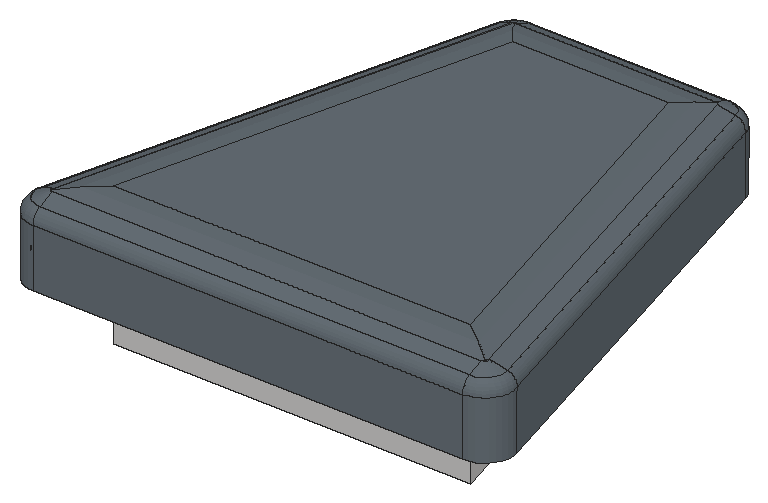
Revit family "Seating-Casual-Naughtone-Rhyme_Bench", category Furniture, Revit 2015
Parameters (values of type "RYM-BEN")
  _distributed by = "www.bimbox.co.uk"  # constant formula
  _current revision = "1"
  _created by = "www.bimbox.co.uk"  # constant formula
  _author = "BIMBox"  # constant formula
  _BIMspec_GUID = 0
  WarrantyStartDate [instance] = "<User Defined>"
  WarrantyGuarantorParts = "sales@naughtone.com"
  WarrantyGuarantorLabor = "sales@naughtone.com"
  WarrantyDurationUnit = "Years"
  WarrantyDurationParts = "5"
  WarrantyDurationLabor = "5"
  WarrantyDescription = "5 year warranty"
  Version = "1"
  Uniclass2015 = "40.50.12"
  URL = "http://www.naughtone.com/"
  TypeName = "Seating-Casual-Naughtone-Rhyme_Bench"
  Type Comments = "1400x1400x420"
  TagNumber = "0.000000"
  SustainabilityPerformance = "82.1% reusable content"
  Size = "1400mmx1400mmx420mm"
  Shape = "Rectangular"
  SerialNumber = "0.000000"
  SeatHeight = NominalHeight  # 420 mm
  ReplacementCost = "0.00"
  ProductInformation = "http://www.naughtone.com/wp-content/uploads/2015/04/Logan-brochure-FISP-2015.pdf?49171d"
  Product URL = "http://www.naughtone.com/portfolio-view/logan"
  Option [instance] = "n/a"
  NominalWidth = 1400 mm  # constant formula
  NominalLength = 1400 mm  # constant formula
  NominalHeight = 420 mm  # constant formula
  Name = "1400mmx1400mmx420mm, Rhyme Bench"
  NBSReference = "40.50.12"
  NBSDescription = "n/a"
  Mtrl_Seat [instance] = Fabric-Camira_Blazer-Newcastle_CUZ1W
  Mtrl_Base [instance] = Metal-Black-Powder_Coated
  ModelReference = "Rhyme Bench"
  ModelNumber = "RYM-BEN"
  Model = "RYM-BEN"
  Material = "FSC birch plywood frame; upholstered with CMHR foams"
  ManufacturerAddressUK = "201 Pannal Business Park, Station Road, Harrogate, HG3 1JL"  # constant formula
  Manufacturer = "Naughtone"  # constant formula
  Keynote = "40.50.12"
  InstallationDate [instance] = "<User Defined>"
  Grade = "n/a"
  Finish = "Polyster powder coat; various fabric finishes available"
  Features = "n/a"
  ExpectedLife = "15-20"
  DurationUnit = "Years"
  Description = "Rhyme Bench"
  Cost = 0
  ContactTelephoneNumber = "+44 (0) 1423 816500"  # constant formula
  ContactEmailAddress = "sales@naughtone.com"  # constant formula
  Constituents = "Wood Frame; Fabric; Steel fascia"
  ComponentDescription = "A landscape to approach from all angles, Rhyme is a modular seating system that can be used as a simple island or used to create ad-hoc zones within a space."
  Color = "Blue"
  CodePerformance = "FISP Certified; ISO14001 Certified"
  Category = "40.50.12 : Chairs, Seats and Benches"
  BarCode = "0.000000"
  BIMObjectName = "Seating-Casual-Naughtone-Rhyme_Bench"
  AssetType = "Movable"
  AssetIdentifier = "RYM-BEN"
  Assembly Code = "E2020"
  AdditionalMaterials = "Additional material and finish options available. Please contact Naughtone direct for further information."
  AccessibilityPerformance = "n/a"
Reference planes
  plane 1 "Center (Front/Back)": y = 0
  plane 2: z = 0
  plane 3 "Center (Left/Right)": x = 0
  plane 4 "Left": x = -700
  plane 5 "Right": x = 700
  plane 6 "Rear": y = 700
  plane 7 "Front": y = -700
  plane 8 "Top": z = 420
Forms (mm)
  Sweep 1, solid, material "Fabric-Camira_Blazer-Newcastle_CUZ1W" <- "Mtrl_Seat"
    path origin (0, 0, 180) x (-1, 0, 0) y (0, -1, 0)
      loop
        line (516.484, 540) -> (-516.484, 540) -> (-227.099, -540) -> (227.099, -540) -> (516.484, 540)
    profile origin (0, -540, 180) x (0, 1, 0) y (0, 0, 1)
      loop
        line (0.706, 207.434) -> (0.706, 240)
        arc (0.706, 240) -> (-45.674, 236.393) -> (-90.937, 225.66) r 300
        line (-90.937, 225.66) -> (-90.937, 207.434) -> (0.706, 207.434)
  Sweep 2, solid, material "Fabric-Camira_Blazer-Newcastle_CUZ1W" <- "Mtrl_Seat"
    path origin (0, 0, 180) x (-1, 0, 0) y (0, -1, 0)
      loop
        line (620.742, 700) -> (-620.742, 700)
        arc (-620.742, 700) -> (-684.21, 668.701) -> (-698.016, 599.294) r 80
        line (-698.016, 599.294) -> (-365.759, -640.706)
        arc (-365.759, -640.706) -> (-337.186, -683.468) -> (-288.485, -700) r 80
        line (-288.485, -700) -> (288.485, -700)
        arc (288.485, -700) -> (337.186, -683.468) -> (365.759, -640.706) r 80
        line (365.759, -640.706) -> (698.016, 599.294)
        arc (698.016, 599.294) -> (684.21, 668.701) -> (620.742, 700) r 80
    profile origin (0, -700, 180) x (0, 1, 0) y (0, 0, 1)
      loop
        line (0, 0) -> (24.063, 0) -> (24.063, 207.434)
        arc (24.063, 207.434) -> (6.495, 191.219) -> (0, 168.21) r 44
        line (0, 168.21) -> (0, 0)
  Sweep 3, solid, material "Fabric-Camira_Blazer-Newcastle_CUZ1W" <- "Mtrl_Seat"
    path origin (0, 0, 180) x (-1, 0, 0) y (0, -1, 0)
      loop
        line (620.742, 700) -> (-620.742, 700)
        arc (-620.742, 700) -> (-684.21, 668.701) -> (-698.016, 599.294) r 80
        line (-698.016, 599.294) -> (-365.759, -640.706)
        arc (-365.759, -640.706) -> (-337.186, -683.468) -> (-288.485, -700) r 80
        line (-288.485, -700) -> (288.485, -700)
        arc (288.485, -700) -> (337.186, -683.468) -> (365.759, -640.706) r 80
        line (365.759, -640.706) -> (698.016, 599.294)
        arc (698.016, 599.294) -> (684.21, 668.701) -> (620.742, 700) r 80
    profile origin (0, -700, 180) x (0, 1, 0) y (0, 0, 1)
      loop
        line (24.062, 207.434) -> (69.063, 207.434) -> (69.063, 225.885)
        arc (69.063, 225.885) -> (46.188, 217.573) -> (24.062, 207.434) r 300
  Extrusion 4, void
    sketch origin (0, 0, 180) x (-1, 0, 0) y (0, -1, 0)
      loop
        line (-620.742, 630.937) -> (-634.996, 630.937) -> (-631.307, 617.169)
        arc (-631.307, 617.169) -> (-629.419, 626.658) -> (-620.742, 630.937) r 10.937
      loop
        line (631.307, 617.169) -> (634.996, 630.937) -> (620.742, 630.937)
        arc (620.742, 630.937) -> (629.419, 626.658) -> (631.307, 617.169) r 10.937
      loop
        line (288.485, -630.937) -> (296.878, -630.937) -> (299.05, -622.831)
        arc (299.05, -622.831) -> (295.143, -628.677) -> (288.485, -630.937) r 10.937
      loop
        line (-299.05, -622.831) -> (-296.878, -630.937) -> (-288.485, -630.937)
        arc (-288.485, -630.937) -> (-295.143, -628.677) -> (-299.05, -622.831) r 10.937
    from -180 to 240
  Extrusion 5, solid, material "Fabric-Camira_Blazer-Newcastle_CUZ1W" <- "Mtrl_Seat"
    sketch origin (0, 0, 180) x (-1, 0, 0) y (0, -1, 0)
      loop
        line (515.564, 539.294) -> (-515.564, 539.294) -> (-226.557, -539.294) -> (226.557, -539.294) -> (515.564, 539.294)
    from 0 to 240
  Extrusion 6, solid, material "Fabric-Camira_Blazer-Newcastle_CUZ1W" <- "Mtrl_Seat"
    sketch origin (0, 0, 180) x (-1, 0, 0) y (0, -1, 0)
      loop
        arc (674.773, 605.522) -> (665.12, 654.053) -> (620.742, 675.937) r 55.937
        line (620.742, 675.937) -> (-620.742, 675.938)
        arc (-620.742, 675.938) -> (-665.12, 654.053) -> (-674.773, 605.522) r 55.937
        line (-674.773, 605.522) -> (-342.516, -634.478)
        arc (-342.516, -634.478) -> (-322.538, -664.378) -> (-288.485, -675.937) r 55.937
        line (-288.485, -675.937) -> (288.485, -675.938)
        arc (288.485, -675.938) -> (322.538, -664.378) -> (342.516, -634.478) r 55.937
        line (342.516, -634.478) -> (674.773, 605.522)
      loop
        line (226.557, -539.294) -> (515.564, 539.294) -> (-515.564, 539.294) -> (-226.557, -539.294) -> (226.557, -539.294)
    from 0 to 75
  Extrusion 7, solid, material "Metal-Black-Powder_Coated" <- "Mtrl_Base"
    sketch origin (0, 0, 0) x (1, 0, 0) y (0, 1, 0)
      loop
        line (-226.557, 539.294) -> (-515.564, -539.294) -> (515.564, -539.294) -> (226.557, 539.294) -> (-226.557, 539.294)
    from 10 to 180
  Revolve 8, solid, material "Rubber-Black-Matte"
    sketch origin (0, -497.959, 0) x (-1, 0, 0) y (0, 0, 1)
      loop
        line (459.094, 0) -> (484.094, 0) -> (484.094, 5) -> (464.094, 10) -> (459.094, 10) -> (459.094, 0)
      axis (459.094, 10) -> (459.094, 0)
    angle from 0 to 360
  Revolve 9, solid, material "Rubber-Black-Matte"
    sketch origin (0, -497.959, 0) x (1, 0, 0) y (0, 0, 1)
      loop
        line (459.094, 0) -> (484.094, 0) -> (484.094, 5) -> (464.094, 10) -> (459.094, 10) -> (459.094, 0)
      axis (459.094, 10) -> (459.094, 0)
    angle from 0 to 360
  Revolve 10, solid, material "Rubber-Black-Matte"
    sketch origin (260, 502.041, 0) x (-1, 0, 0) y (0, 0, 1)
      loop
        line (459.094, 0) -> (484.094, 0) -> (484.094, 5) -> (464.094, 10) -> (459.094, 10) -> (459.094, 0)
      axis (459.094, 10) -> (459.094, 0)
    angle from 0 to 360
  Revolve 11, solid, material "Rubber-Black-Matte"
    sketch origin (658.188, 502.041, 0) x (-1, 0, 0) y (0, 0, 1)
      loop
        line (459.094, 0) -> (484.094, 0) -> (484.094, 5) -> (464.094, 10) -> (459.094, 10) -> (459.094, 0)
      axis (459.094, 10) -> (459.094, 0)
    angle from 0 to 360
Cuts and joins
  Extrusion 4 cuts Sweep 1
  joined: Sweep 1, Sweep 2, Sweep 3, Extrusion 5, Extrusion 6
Dimensions and locks
  equal spacing: plane 4 "Left", plane 3 "Center (Left/Right)", plane 5 "Right"
  "NominalWidth": plane 4 "Left" to plane 5 "Right"
  equal spacing: plane 6 "Rear", plane 1 "Center (Front/Back)", plane 7 "Front"
  "NominalLength": plane 6 "Rear" to plane 7 "Front"
  "SeatHeight": plane 8 "Top" to level
  aligned and locked: level to plane 2
  aligned and locked: plane 8 "Top" to Extrusion 4
  aligned and locked: Extrusion 4 to level
Automatic sketch dimensions
  Sweep 3 sketch curve to profile plane = 60 mm
  Sweep 3 sketch curve to profile plane = 69.063 mm
  Sweep 3 sketch curve to profile plane = 24.062 mm
  Sweep 3 sketch curve to Sweep 3 sketch curve = 18.451 mm
  Sweep 3 sketch curve to profile plane = 160 mm
  plane 5 "Right" to Sweep 1 sketch curve = 183.516 mm
  plane 3 "Center (Left/Right)" to Sweep 1 sketch curve = 227.099 mm
  Sweep 1 sketch curve to plane 3 "Center (Left/Right)" = 227.099 mm
  plane 4 "Left" to Sweep 1 sketch curve = 183.516 mm
  Sweep 1 sketch curve to plane 6 "Rear" = 160 mm
  plane 7 "Front" to Sweep 1 sketch curve = 160 mm
  Sweep 2 sketch curve to plane 7 "Front" = 0 mm
  Sweep 2 sketch curve to plane 6 "Rear" = 0 mm
  plane 5 "Right" to Sweep 2 sketch curve = 1.984 mm
  plane 5 "Right" to Sweep 2 sketch curve = 79.258 mm
  Sweep 2 sketch curve to plane 6 "Rear" = 59.294 mm  (x2)
  plane 5 "Right" to Sweep 2 sketch curve = 334.241 mm
  Sweep 2 sketch curve to Sweep 2 sketch curve = 77.274 mm  (x2)
  Sweep 2 sketch curve to plane 3 "Center (Left/Right)" = 288.485 mm
  plane 4 "Left" to Sweep 2 sketch curve = 79.258 mm
  plane 4 "Left" to Sweep 2 sketch curve = 1.984 mm
  plane 7 "Front" to Sweep 2 sketch curve = 100.706 mm  (x2)
  plane 5 "Right" to Extrusion 4 sketch curve = 65.004 mm
  Extrusion 4 sketch curve to Extrusion 4 sketch curve = 14.254 mm  (x2)
  Extrusion 4 sketch curve to plane 6 "Rear" = 77.169 mm  (x2)
  plane 3 "Center (Left/Right)" to Extrusion 4 sketch curve = 299.05 mm
  Extrusion 4 sketch curve to plane 6 "Rear" = 69.063 mm  (x2)
  Extrusion 4 sketch curve to Extrusion 4 sketch curve = 2.172 mm  (x2)
  Extrusion 4 sketch curve to Extrusion 4 sketch curve = 10.565 mm  (x3)
  Extrusion 4 sketch curve to Extrusion 4 sketch curve = 0 mm  (x12)
  Extrusion 4 sketch curve to plane 6 "Rear" = 80 mm
  Extrusion 4 sketch curve to plane 3 "Center (Left/Right)" = 288.485 mm
  Extrusion 4 sketch curve to Extrusion 4 sketch curve = 8.393 mm
  plane 4 "Left" to Extrusion 4 sketch curve = 79.258 mm
  Extrusion 4 sketch curve to Extrusion 4 sketch curve = 2.831 mm  (x3)
  plane 7 "Front" to Extrusion 4 sketch curve = 80 mm  (x2)
  Extrusion 4 sketch curve to Extrusion 4 sketch curve = 10.937 mm  (x2)
  Sweep 3 sketch curve to plane 7 "Front" = 0 mm
  Sweep 3 sketch curve to plane 6 "Rear" = 0 mm
  plane 5 "Right" to Sweep 3 sketch curve = 1.984 mm
  plane 5 "Right" to Sweep 3 sketch curve = 79.258 mm
  Sweep 3 sketch curve to plane 6 "Rear" = 59.294 mm  (x2)
  plane 5 "Right" to Sweep 3 sketch curve = 334.241 mm
  Sweep 3 sketch curve to Sweep 3 sketch curve = 77.274 mm  (x2)
  Sweep 3 sketch curve to plane 3 "Center (Left/Right)" = 288.485 mm
  plane 4 "Left" to Sweep 3 sketch curve = 79.258 mm
  plane 4 "Left" to Sweep 3 sketch curve = 1.984 mm
  plane 7 "Front" to Sweep 3 sketch curve = 100.706 mm  (x2)
  Extrusion 5 sketch curve to plane 3 "Center (Left/Right)" = 226.557 mm
  Extrusion 5 sketch curve to plane 6 "Rear" = 160.706 mm
  plane 3 "Center (Left/Right)" to Extrusion 5 sketch curve = 226.557 mm
  plane 4 "Left" to Extrusion 5 sketch curve = 184.436 mm
  plane 7 "Front" to Extrusion 5 sketch curve = 160.706 mm
  plane 5 "Right" to Extrusion 5 sketch curve = 184.436 mm
  plane 5 "Right" to Extrusion 6 sketch curve = 25.227 mm
  Extrusion 6 sketch curve to Extrusion 6 sketch curve = 54.031 mm  (x3)
  Extrusion 6 sketch curve to Extrusion 6 sketch curve = 105.177 mm
  Extrusion 6 sketch curve to plane 6 "Rear" = 65.522 mm  (x2)
  plane 3 "Center (Left/Right)" to Extrusion 6 sketch curve = 342.516 mm
  Extrusion 6 sketch curve to plane 6 "Rear" = 24.063 mm
  Extrusion 6 sketch curve to Extrusion 6 sketch curve = 61.928 mm  (x2)
  Extrusion 6 sketch curve to plane 3 "Center (Left/Right)" = 226.557 mm
  plane 4 "Left" to Extrusion 6 sketch curve = 184.436 mm
  plane 7 "Front" to Extrusion 6 sketch curve = 24.063 mm
  plane 4 "Left" to Extrusion 6 sketch curve = 79.258 mm
  plane 4 "Left" to Extrusion 6 sketch curve = 25.227 mm
  Extrusion 6 sketch curve to Extrusion 6 sketch curve = 80.706 mm
  plane 7 "Front" to Extrusion 6 sketch curve = 160.706 mm
  Extrusion 6 sketch curve to Extrusion 6 sketch curve = 70.415 mm  (x2)
  plane 4 "Left" to Extrusion 7 sketch curve = 184.436 mm
  Extrusion 7 sketch curve to plane 3 "Center (Left/Right)" = 226.557 mm
  plane 3 "Center (Left/Right)" to Extrusion 7 sketch curve = 226.557 mm
  plane 5 "Right" to Extrusion 7 sketch curve = 184.436 mm
  plane 7 "Front" to Extrusion 7 sketch curve = 160.706 mm
  Extrusion 7 sketch curve to plane 6 "Rear" = 160.706 mm
  profile plane to Sweep 1 sketch curve = 90.937 mm
  Sweep 1 sketch curve to profile plane = 0.706 mm
  Sweep 1 sketch curve to profile plane = 60 mm
  profile plane to Sweep 1 sketch curve = 207.434 mm
  Sweep 1 sketch curve to Sweep 1 sketch curve = 18.226 mm
  Sweep 2 sketch curve to profile plane = 0 mm  (x2)
  Sweep 2 sketch curve to profile plane = 24.063 mm
  Sweep 2 sketch curve to profile plane = 44 mm
  profile plane to Sweep 2 sketch curve = 168.21 mm
  Revolve 8 sketch curve to level = 0 mm
  plane 4 "Left" to Revolve 8 sketch curve = 240.906 mm
  Revolve 8 sketch curve to Revolve 8 sketch curve = 5 mm
  level to Revolve 8 sketch curve = 5 mm
  Revolve 8 sketch curve to Revolve 8 sketch curve = 20 mm
  Revolve 8 sketch curve to Revolve 8 sketch curve = 0 mm
  Revolve 8 sketch curve to level = 2.753 mm
  Revolve 8 sketch curve to Revolve 8 sketch curve = 3.562 mm
  Revolve 9 sketch curve to level = 0 mm
  Revolve 9 sketch curve to plane 5 "Right" = 240.906 mm
  Revolve 9 sketch curve to Revolve 9 sketch curve = 5 mm
  Revolve 9 sketch curve to level = 5 mm
  Revolve 9 sketch curve to Revolve 9 sketch curve = 20 mm
  Revolve 9 sketch curve to Revolve 9 sketch curve = 0 mm
  level to Revolve 9 sketch curve = 2.753 mm
  Revolve 9 sketch curve to Revolve 9 sketch curve = 3.562 mm
  Revolve 10 sketch curve to level = 0 mm
  Revolve 10 sketch curve to plane 3 "Center (Left/Right)" = 199.094 mm
  Revolve 10 sketch curve to Revolve 10 sketch curve = 5 mm
  level to Revolve 10 sketch curve = 5 mm
  Revolve 10 sketch curve to Revolve 10 sketch curve = 20 mm
  Revolve 10 sketch curve to Revolve 10 sketch curve = 0 mm
  Revolve 10 sketch curve to level = 2.753 mm
  Revolve 10 sketch curve to Revolve 10 sketch curve = 3.562 mm
  Revolve 11 sketch curve to level = 0 mm
  plane 3 "Center (Left/Right)" to Revolve 11 sketch curve = 199.094 mm
  Revolve 11 sketch curve to Revolve 11 sketch curve = 5 mm
  level to Revolve 11 sketch curve = 5 mm
  Revolve 11 sketch curve to Revolve 11 sketch curve = 20 mm
  Revolve 11 sketch curve to Revolve 11 sketch curve = 0 mm
  Revolve 11 sketch curve to level = 2.753 mm
  Revolve 11 sketch curve to Revolve 11 sketch curve = 3.562 mm
  level to Revolve 8 sketch curve = 10 mm
  Revolve 9 sketch curve to level = 10 mm
  level to Revolve 10 sketch curve = 10 mm
  level to Revolve 11 sketch curve = 10 mm
